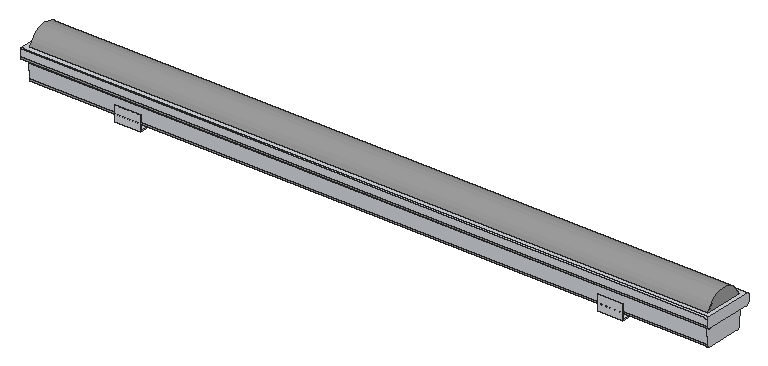
Revit family "0010232", category Lighting Fixtures, host Face, Revit 2017
Family settings
  Host = Face
  Round Connector Dimension = Use Diameter
  Part Type = Normal
  OmniClass Number = 23.80.70.00
  OmniClass Title = Lighting
  Cut with Voids When Loaded = No
  Light Source = Yes
  Shared = No
  Room Calculation Point = No
Parameters (values of type "0010232 RESISTO 1200 HE IP66 2800LM 840")
  Weight = "1.5 kg"
  Wattage Comments = ""
  Wattage = 18 W
  WarrantyStartDate [instance] = "n/a"
  WarrantyGuarantorParts = "n/a"
  WarrantyDurationUnit = "n/a"
  WarrantyDurationParts = "n/a"
  WarrantyDescription = "n/a"
  WIDTH_SYL = 44.5 mm
  built-in parameter 1150110 = 1 (stored number, unit not read)
  Voltage = 0 V
  URL = "http://www.sylvania-lighting.com"
  TypeName = "Resisto  1200 HE IP66 2800lm 840"
  Type Image = <None>
  Type Comments = "n/a"
  built-in parameter 1114217 = 1 (stored number, unit not read)
  Tilt Angle = -90.00°
  built-in parameter 1150109 = 1 (stored number, unit not read)
  built-in parameter 1150134 = 12
  TOP_WIDTH_SYL = 33.5 mm
  built-in parameter 1150113 = 1 (stored number, unit not read)
  SerialNumber [instance] = "n/a"
  Photometric Web File = "0010232.ies"
  Material_3_SYL = none
  PowerFactor = 0.95
  PowerConsumption = "18 W"
  NominalLength = 1200 mm
  NominalHeight = 80 mm
  NominalDepth = 87 mm
  Name = "Resisto  1200 HE IP66 2800lm 840"
  ModelReference = Name  # "Resisto  1200 HE IP66 2800lm 840"
  ModelNumber = "0010232"
  Model = Name  # "Resisto  1200 HE IP66 2800lm 840"
  Material = "pc polycarbonate housing, pc polycarbonate diffuser"
  ManufacturerName = "Feilo Sylvania"
  Manufacturer = "Feilo Sylvania"
  MID_WIDTH_SYL = 36 mm
  LuminousEfficacy = "156 lm/W"
  built-in parameter 1150105 = 922.88 (stored number, unit not read)
  Lumens = 2808 lm
  LuminaireType = ""
  built-in parameter 1150115 = 1 (stored number, unit not read)
  LightOutputRatio = "n/a"
  built-in parameter 1150137 = (empty or 0)
  built-in parameter 1150139 = (empty or 0)
  LampsType = Lamp  # "LED"
  LampNominalLuminous = "2800 lm"
  LampMacAdamStep = "3"
  LampColourTemperature = "4000 K"
  LampColourRenderingIndex = "80"
  built-in parameter 1150112 = 1 (stored number, unit not read)
  built-in parameter 1150114 = 1 (stored number, unit not read)
  Lamp = "LED"
  LENGHT_SYL = if(L1500_SYL, 742 mm, if(L1200_SYL, 592 mm, 317 mm))  # 592 mm
  LENGHT_CHAMFER_SYL = if(L1500_SYL, 750 mm, if(L1200_SYL, 600 mm, 325 mm))  # 600 mm
  LENGHT_650_SYL = 325 mm
  LENGHT-_SYL = if(L1500_SYL, -742 mm, if(L1200_SYL, -592 mm, -317 mm))  # -592 mm
  LENGHT-_CHAMFER_SYL = if(L1500_SYL, -750 mm, if(L1200_SYL, -600 mm, -325 mm))  # -600 mm
  LEGHT_650-_SYL = -325 mm
  LEGHT_1500_SYL = 750 mm
  LEGHT_1500-_SYL = -750 mm
  LEGHT_1200_SYL = 600 mm
  LEGHT_1200-_SYL = -600 mm
  L0650_SYL = no
  L1500_SYL = no
  L1200_SYL = yes
  Keynote = "16500"
  InstallationDate [instance] = "n/a"
  InputVoltage = "n/a"
  InputNominalFrequency = "n/a"
  built-in parameter 1150132 = (empty or 0)
  built-in parameter 1150102 = (empty or 0)
  built-in parameter 1150107 = 4000 (stored number, unit not read)
  built-in parameter 1150138 = (empty or 0)
  IngressProtection = "IP66"
  ImpactProtectionIndex = "IK08"
  built-in parameter 1150106 = 9.2288 (stored number, unit not read)
  IfcExportType = "IfcLightFixtureType"
  IfcExportAs = "IfcLightFixtureType"
  Emit from Circle Diameter = 609.6 mm
  Emit Shape Visible in Rendering = no
  ElectricShockClassification = "Class I"
  built-in parameter 1150104 = 14.493 (stored number, unit not read)
  DocumentationLiterature = "http://www.sylvania-lighting.com/product/en-int/products/0010232"
  DimmingControlOptions = "n/a"
  Material_2_SYL = none
  Dimming Lamp Color Temperature Shift = <None>
  Description = "Resisto, integrated LED weatherproof luminaire, with UV stabilized flat diffuser designed to achieve uniform lit appearance, optimise light output and to reduce glare. 301 stainless steel diffuser clips and fixing brackets for surface mounting. Polycarbonate housing and diffuser - no yellow discolouration over time. 2800lm; 18W; 156lm/W; 4000K; SDCM<3; non dimmable; CRI80; IP66; IK08; Class I; 69,000hrs (L80B20) lifespan; 1200mm x 89mm x 88mm; D-mark."
  Default Elevation = 1219.2 mm
  DIF_WIDHT_SYL = 35 mm
  DIF_HEIGHT_SYL = 24 mm
  CreatedOn = "3/10/2021"
  CreatedBy = "@sylvania-lighting.com"
  Cost = 0
  Color Filter = 16777215
  built-in parameter 1114216 [instance] = (empty or 0)
  ClassificationValue = "EF_70_80"
  ClassificationName = "Uniclass2015"
  Material_1_SYL = Default
  CHAMFER_SYL = 19 mm
  BarCode [instance] = "n/a"
  built-in parameter 1114218 = 1 (stored number, unit not read)
  BRACKET_WIDTH_SYL = BRACKET_DIST_SYL - 44 mm  # 400 mm
  BRACKET_HEIGHT_SYL = 9 mm
  BRACKET_DIST_SYL = LENGHT_CHAMFER_SYL - 156 mm  # 444 mm
  BODY_SYL = 36 mm
  built-in parameter 1150133 = 10 (stored number, unit not read)
  AssetType = "Fixed"
  AssetIdentifier [instance] = "n/a"
  Assembly Code = "D5020200"
  Apparent Load = 18 VA
  Material_4_SYL = none
Reference planes
  plane 1 "Center (Front/Back)": y = 0
  plane 2: z = 0
  plane 3 "Center (Left/Right)": x = 0
  plane 4: z = 9
  plane 5: z = 45
  plane 6: z = 64
  plane 7: z = 88
  plane 8: y = -44.5
  plane 9: y = 44.5
  plane 10: y = -35
  plane 11: y = 35
  plane 12: y = 33.5
  plane 13: y = -33.5
  plane 14: y = -36
  plane 15: y = 36
  plane 16: z = 1
Forms (mm)
  Extrusion 1, solid
    sketch origin (319, 1524, 1219.2) x (0, 1, 0) y (0, 0, 1)
      loop
        line (-1552.835, -1210.2) -> (-1495.165, -1210.2)
        arc (-1495.165, -1210.2) -> (-1491.754, -1208.856) -> (-1490.177, -1205.546) r 5
        line (-1490.177, -1205.546) -> (-1488.323, -1178.854) -> (-1488, -1174.2) -> (-1560, -1174.2) -> (-1559.677, -1178.854) -> (-1557.823, -1205.546)
        arc (-1557.823, -1205.546) -> (-1556.246, -1208.856) -> (-1552.835, -1210.2) r 5
    from -592 <- "LENGHT-_SYL" to 592 <- "LENGHT_SYL"
  Extrusion 2, solid, material "Default" <- "Material_1_SYL"
    sketch origin (319, 1524, 1219.2) x (0, 1, 0) y (0, 0, 1)
      loop
        arc (-1490.5, -1155.2) -> (-1524, -1131.2) -> (-1557.5, -1155.2) r 35.38
        line (-1557.5, -1155.2) -> (-1490.5, -1155.2)
    from -592 <- "LENGHT-_SYL" to 592 <- "LENGHT_SYL"
  Extrusion 3, solid
    sketch origin (319, 1524, 1219.2) x (0, 1, 0) y (0, 0, 1)
      loop
        line (-1481.5, -1155.2) -> (-1566.5, -1155.2)
        arc (-1566.5, -1155.2) -> (-1567.914, -1155.786) -> (-1568.5, -1157.2) r 2
        line (-1568.5, -1157.2) -> (-1568.5, -1169.2)
        arc (-1568.5, -1169.2) -> (-1567.036, -1172.736) -> (-1563.5, -1174.2) r 5
        line (-1563.5, -1174.2) -> (-1484.5, -1174.2)
        arc (-1484.5, -1174.2) -> (-1480.964, -1172.736) -> (-1479.5, -1169.2) r 5
        line (-1479.5, -1169.2) -> (-1479.5, -1157.2)
        arc (-1479.5, -1157.2) -> (-1480.086, -1155.786) -> (-1481.5, -1155.2) r 2
    from -600 <- "LENGHT-_CHAMFER_SYL" to 600 <- "LENGHT_CHAMFER_SYL"
  Extrusion 4, solid
    sketch origin (319, 1524, 1219.2) x (0, 1, 0) y (0, 0, 1)
      loop
        line (-1489, -1219.2) -> (-1489, -1192.216) -> (-1490.5, -1192.216) -> (-1490.5, -1218.2) -> (-1557.5, -1218.2) -> (-1557.5, -1192.172) -> (-1559, -1192.172) -> (-1559, -1219.2) -> (-1489, -1219.2)
    from 400 <- "BRACKET_WIDTH_SYL" to 444 <- "BRACKET_DIST_SYL"
  Extrusion 5, solid
    sketch origin (321, 1524, 1219.2) x (0, 1, 0) y (0, 0, -1)
      loop
        line (-1489, 1219.2) -> (-1559, 1219.2) -> (-1559, 1192.172) -> (-1557.5, 1192.172) -> (-1557.5, 1218.2) -> (-1490.5, 1218.2) -> (-1490.5, 1192.216) -> (-1489, 1192.216) -> (-1489, 1219.2)
    from 400 <- "BRACKET_WIDTH_SYL" to 444 <- "BRACKET_DIST_SYL"
Dimensions and locks
  "BRACKET_HEIGHT_SYL": plane 4 to host face
  "BODY_SYL": plane 4 to plane 5
  "CHAMFER_SYL": plane 5 to plane 6
  "DIF_HEIGHT_SYL": plane 6 to plane 7
  "WIDTH_SYL": plane 9 to plane 1 "Center (Front/Back)" to plane 8
  "DIF_WIDHT_SYL": plane 11 to plane 1 "Center (Front/Back)" to plane 10
  "TOP_WIDTH_SYL": plane 12 to plane 1 "Center (Front/Back)" to plane 13
  "MID_WIDTH_SYL": plane 15 to plane 1 "Center (Front/Back)" to plane 14
  aligned and locked: plane 2 to host face
  aligned and locked: level to host face
  aligned and locked: Extrusion 3 sketch curve to plane 6
  aligned and locked: Extrusion 3 sketch curve to plane 9
  aligned and locked: plane 5 to Extrusion 3 sketch curve
  aligned and locked: plane 8 to Extrusion 3 sketch curve
Automatic sketch dimensions
  host sketch curve to host sketch curve = 2438.4 mm  (x2)
  plane 5 to Extrusion 1 sketch curve = 0 mm
  Extrusion 1 sketch curve to plane 14 = 0 mm
  plane 4 to Extrusion 1 sketch curve = 0 mm
  Extrusion 1 sketch curve to plane 15 = 0 mm
  Extrusion 1 sketch curve to plane 14 = 0.323 mm
  plane 13 to Extrusion 1 sketch curve = 0.323 mm
  Extrusion 1 sketch curve to plane 13 = 4.665 mm
  plane 12 to Extrusion 1 sketch curve = 4.665 mm
  Extrusion 1 sketch curve to plane 12 = 0.323 mm
  plane 15 to Extrusion 1 sketch curve = 0.323 mm
  Extrusion 1 sketch curve to plane 4 = 4.654 mm  (x2)
  plane 5 to Extrusion 1 sketch curve = 4.654 mm  (x2)
  plane 6 to Extrusion 2 sketch curve = 0 mm
  Extrusion 2 sketch curve to plane 13 = 0 mm
  Extrusion 2 sketch curve to plane 1 "Center (Front/Back)" = 0 mm
  Extrusion 2 sketch curve to plane 5 = 7.62 mm
  Extrusion 3 sketch curve to plane 8 = 2 mm
  plane 14 to Extrusion 3 sketch curve = 3.5 mm
  Extrusion 3 sketch curve to plane 15 = 3.5 mm
  plane 6 to Extrusion 3 sketch curve = 2 mm
  Extrusion 4 sketch curve to level = 0 mm
  Extrusion 4 sketch curve to plane 10 = 0 mm
  Extrusion 4 sketch curve to plane 13 = 0 mm
  Extrusion 4 sketch curve to plane 12 = 0 mm
  Extrusion 4 sketch curve to plane 11 = 0 mm
  plane 16 to Extrusion 4 sketch curve = 0 mm
  Extrusion 4 sketch curve to plane 4 = 17.984 mm
  plane 5 to Extrusion 4 sketch curve = 17.972 mm
  Extrusion 5 sketch curve to level = 0 mm
  Extrusion 5 sketch curve to plane 10 = 0 mm
  Extrusion 5 sketch curve to plane 13 = 0 mm
  Extrusion 5 sketch curve to plane 12 = 0 mm
  Extrusion 5 sketch curve to plane 11 = 0 mm
  plane 16 to Extrusion 5 sketch curve = 0 mm
  Extrusion 5 sketch curve to plane 4 = 17.984 mm
  plane 5 to Extrusion 5 sketch curve = 17.972 mm
Connectors
  electrical at (-273, 0, 27)
    settings: on Extrusion 1, index 1, voltage 0 V, apparent load 0 VA, apparent load phase1 0 VA, apparent load phase2 0 VA, apparent load phase3 0 VA, power factor 1, load classification "Other", number of poles 1, system type 31, power factor state 1, is connector primary yes, connector utility no, sub classification motor no, connector description ""
Types (60, lengths in mm): name | Weight | Wattage | TypeName | built-in parameter 1150134 | Photometric Web File | PowerFactor | PowerConsumption | NominalLength | Name | ModelReference | ModelNumber | Model | LuminousEfficacy | built-in parameter 1150105 | Lumens | LampNominalLuminous | LampMacAdamStep | LampColourTemperature | LENGHT_SYL | LENGHT_CHAMFER_SYL | LENGHT-_SYL | LENGHT-_CHAMFER_SYL | L0650_SYL | L1500_SYL | L1200_SYL | built-in parameter 1150107 | built-in parameter 1150106 | built-in parameter 1150104 | DocumentationLiterature | Description | BRACKET_WIDTH_SYL | BRACKET_DIST_SYL | Apparent Load
  0010278 RESISTO 1500 HE IP66 8300LM 840 | "1.95 kg" | 54 W | "Resisto 1500 HE IP66 8300lm 840" | 12 | "0010278.ies" | 0.95 | "54 W" | 1500 | "Resisto 1500 HE IP66 8300lm 840" | "Resisto 1500 HE IP66 8300lm 840" | "0010278" | "Resisto 1500 HE IP66 8300lm 840" | "154 lm/W" | 2674.3 (stored number, unit not read) | 8316 lm | "8300 lm" | "3" | "4000 K" | 742 | 750 | -742 | -750 | no | yes | no | 4000 (stored number, unit not read) | 26.743 (stored number, unit not read) | 14.307 (stored number, unit not read) | "http://www.sylvania-lighting.com/product/en-int/products/0010278" | "Resisto, integrated LED weatherproof luminaire, with UV stabilized flat diffuser designed to achieve uniform lit appearance, optimise light output and to reduce glare. 301 stainless steel diffuser clips and fixing brackets for surface mounting. Polycarbonate housing and diffuser - no yellow discolouration over time. 8300lm; 54W; 154lm/W; 4000K; SDCM<3; non dimmable; CRI80; IP66; IK08; Class I; 69,000hrs (L80B20) lifespan; 1500mm x 89mm x 88mm; D-mark." | 550 | 594 | 54 VA
  0010274 RESISTO 1500 HE IP66 DALI 7100LM 840 | "2.01 kg" | 46 W | "Resisto 1500 HE IP66 DALI 7100lm 840" | 12 | "0010274.ies" | 0.98 | "46 W" | 1500 | "Resisto 1500 HE IP66 DALI 7100lm 840" | "Resisto 1500 HE IP66 DALI 7100lm 840" | "0010274" | "Resisto 1500 HE IP66 DALI 7100lm 840" | "154 lm/W" | 2362.2 (stored number, unit not read) | 7084 lm | "7100 lm" | "3" | "4000 K" | 742 | 750 | -742 | -750 | no | yes | no | 4000 (stored number, unit not read) | 23.622 (stored number, unit not read) | 14.307 (stored number, unit not read) | "http://www.sylvania-lighting.com/product/en-int/products/0010274" | "Resisto, integrated LED weatherproof luminaire, with UV stabilized flat diffuser designed to achieve uniform lit appearance, optimise light output and to reduce glare. 301 stainless steel diffuser clips and fixing brackets for surface mounting. Polycarbonate housing and diffuser - no yellow discolouration over time. 7100lm; 46W; 154lm/W; 4000K; SDCM<3; DALI dimmable; CRI80; IP66; IK08; Class I; 69,000hrs (L80B20) lifespan; 1500mm x 89mm x 88mm; D-mark." | 550 | 594 | 46 VA
  0010273 RESISTO 1500 HE IP66 DALI 4000LM 840 | "1.95 kg" | 25 W | "Resisto 1500 HE IP66 DALI 4000lm 840" | 12 | "0010273.ies" | 0.98 | "25 W" | 1500 | "Resisto 1500 HE IP66 DALI 4000lm 840" | "Resisto 1500 HE IP66 DALI 4000lm 840" | "0010273" | "Resisto 1500 HE IP66 DALI 4000lm 840" | "160 lm/W" | 1286.3 (stored number, unit not read) | 4000 lm | "4000 lm" | "3" | "4000 K" | 742 | 750 | -742 | -750 | no | yes | no | 4000 (stored number, unit not read) | 12.863 (stored number, unit not read) | 14.864 (stored number, unit not read) | "http://www.sylvania-lighting.com/product/en-int/products/0010273" | "Resisto, integrated LED weatherproof luminaire, with UV stabilized flat diffuser designed to achieve uniform lit appearance, optimise light output and to reduce glare. 301 stainless steel diffuser clips and fixing brackets for surface mounting. Polycarbonate housing and diffuser - no yellow discolouration over time. 4000lm; 25W; 160lm/W; 4000K; SDCM<3; DALI dimmable; CRI80; IP66; IK08; Class I; 69,000hrs (L80B20) lifespan; 1500mm x 89mm x 88mm; D-mark." | 550 | 594 | 25 VA
  0010272 RESISTO 1500 HE IP66 7100LM 840 EM | "2.58 kg" | 50 W | "Resisto 1500 HE IP66 7100lm 840 EM" | 12 | "0010272.ies" | 0.95 | "50 W" | 1500 | "Resisto 1500 HE IP66 7100lm 840 EM" | "Resisto 1500 HE IP66 7100lm 840 EM" | "0010272" | "Resisto 1500 HE IP66 7100lm 840 EM" | "142 lm/W" | 2367.5 (stored number, unit not read) | 7100 lm | "7100 lm" | "3" | "4000 K" | 742 | 750 | -742 | -750 | no | yes | no | 4000 (stored number, unit not read) | 23.675 (stored number, unit not read) | 13.192 (stored number, unit not read) | "http://www.sylvania-lighting.com/product/en-int/products/0010272" | "Resisto, integrated LED weatherproof luminaire, with UV stabilized flat diffuser designed to achieve uniform lit appearance, optimise light output and to reduce glare. 301 stainless steel diffuser clips and fixing brackets for surface mounting. Polycarbonate housing and diffuser - no yellow discolouration over time. 7100lm; 50W; 142lm/W; 4000K; SDCM<3; non dimmable; CRI80; IP66; IK08; Class I; 69,000hrs (L80B20) lifespan; 1500mm x 89mm x 88mm; D-mark; 3-hour maintained emergency batteries." | 550 | 594 | 50 VA
  0010271 RESISTO 1500 HE IP66 4000LM 840 EM | "2.51 kg" | 29 W | "Resisto 1500 HE IP66 4000lm 840 EM" | 12 | "0010271.ies" | 0.95 | "29 W" | 1500 | "Resisto 1500 HE IP66 4000lm 840 EM" | "Resisto 1500 HE IP66 4000lm 840 EM" | "0010271" | "Resisto 1500 HE IP66 4000lm 840 EM" | "138 lm/W" | 1287 (stored number, unit not read) | 4002 lm | "4000 lm" | "3" | "4000 K" | 742 | 750 | -742 | -750 | no | yes | no | 4000 (stored number, unit not read) | 12.87 (stored number, unit not read) | 12.821 (stored number, unit not read) | "http://www.sylvania-lighting.com/product/en-int/products/0010271" | "Resisto, integrated LED weatherproof luminaire, with UV stabilized flat diffuser designed to achieve uniform lit appearance, optimise light output and to reduce glare. 301 stainless steel diffuser clips and fixing brackets for surface mounting. Polycarbonate housing and diffuser - no yellow discolouration over time. 4000lm; 29W; 138lm/W; 4000K; SDCM<3; non dimmable; CRI80; IP66; IK08; Class I; 69,000hrs (L80B20) lifespan; 1500mm x 89mm x 88mm; D-mark; 3-hour maintained emergency batteries." | 550 | 594 | 29 VA
  0010269 RESISTO 1500 HE IP66 7100LM 840 | "1.95 kg" | 46 W | "Resisto  1500 HE IP66 7100lm 840" | 12 | "0010269.ies" | 0.95 | "46 W" | 1500 | "Resisto  1500 HE IP66 7100lm 840" | "Resisto  1500 HE IP66 7100lm 840" | "0010269" | "Resisto  1500 HE IP66 7100lm 840" | "154 lm/W" | 2362.2 (stored number, unit not read) | 7084 lm | "7100 lm" | "3" | "4000 K" | 742 | 750 | -742 | -750 | no | yes | no | 4000 (stored number, unit not read) | 23.622 (stored number, unit not read) | 14.307 (stored number, unit not read) | "http://www.sylvania-lighting.com/product/en-int/products/0010269" | "Resisto, integrated LED weatherproof luminaire, with UV stabilized flat diffuser designed to achieve uniform lit appearance, optimise light output and to reduce glare. 301 stainless steel diffuser clips and fixing brackets for surface mounting. Polycarbonate housing and diffuser - no yellow discolouration over time. 7100lm; 46W; 154lm/W; 4000K; SDCM<3; non dimmable; CRI80; IP66; IK08; Class I; 69,000hrs (L80B20) lifespan; 1500mm x 89mm x 88mm; D-mark." | 550 | 594 | 46 VA
  0010268 RESISTO 1500 HE IP66 4000LM 840 | "1.87 kg" | 25 W | "Resisto  1500 HE IP66 4000lm 840" | 12 | "0010268.ies" | 0.95 | "25 W" | 1500 | "Resisto  1500 HE IP66 4000lm 840" | "Resisto  1500 HE IP66 4000lm 840" | "0010268" | "Resisto  1500 HE IP66 4000lm 840" | "160 lm/W" | 1286.3 (stored number, unit not read) | 4000 lm | "4000 lm" | "3" | "4000 K" | 742 | 750 | -742 | -750 | no | yes | no | 4000 (stored number, unit not read) | 12.863 (stored number, unit not read) | 14.864 (stored number, unit not read) | "http://www.sylvania-lighting.com/product/en-int/products/0010268" | "Resisto, integrated LED weatherproof luminaire, with UV stabilized flat diffuser designed to achieve uniform lit appearance, optimise light output and to reduce glare. 301 stainless steel diffuser clips and fixing brackets for surface mounting. Polycarbonate housing and diffuser - no yellow discolouration over time. 4000lm; 25W; 160lm/W; 4000K; SDCM<3; non dimmable; CRI80; IP66; IK08; Class I; 69,000hrs (L80B20) lifespan; 1500mm x 89mm x 88mm; D-mark." | 550 | 594 | 25 VA
  0010261 RESISTO 1500 IP66 DALI 8300LM 840 | "2.01 kg" | 61 W | "Resisto  1500 IP66 DALI 8300lm 840" | 12 | "0010261.ies" | 0.99 | "61 W" | 1500 | "Resisto  1500 IP66 DALI 8300lm 840" | "Resisto  1500 IP66 DALI 8300lm 840" | "0010261" | "Resisto  1500 IP66 DALI 8300lm 840" | "136 lm/W" | 2792.8 (stored number, unit not read) | 8296 lm | "8300 lm" | "5" | "4000 K" | 742 | 750 | -742 | -750 | no | yes | no | 4000 (stored number, unit not read) | 27.928 (stored number, unit not read) | 12.635 (stored number, unit not read) | "http://www.sylvania-lighting.com/product/en-int/products/0010261" | "Resisto, integrated LED weatherproof luminaire, with UV stabilized flat diffuser designed to achieve uniform lit appearance, optimise light output and to reduce glare. 301 stainless steel diffuser clips and fixing brackets for surface mounting. Polycarbonate housing and diffuser - no yellow discolouration over time. 8300lm; 61W; 136lm/W; 4000K; SDCM<5; DALI dimmable; CRI80; IP66; IK08; Class I; 69,000hrs (L80B20) lifespan; 1500mm x 89mm x 88mm; D-mark." | 550 | 594 | 61 VA
  0010260 RESISTO 1500 IP66 DALI 7100LM 840 | "2.01 kg" | 52 W | "Resisto  1500 IP66 DALI 7100lm 840" | 12 | "0010260.ies" | 0.99 | "52 W" | 1500 | "Resisto  1500 IP66 DALI 7100lm 840" | "Resisto  1500 IP66 DALI 7100lm 840" | "0010260" | "Resisto  1500 IP66 DALI 7100lm 840" | "137 lm/W" | 2375.5 (stored number, unit not read) | 7124 lm | "7100 lm" | "5" | "4000 K" | 742 | 750 | -742 | -750 | no | yes | no | 4000 (stored number, unit not read) | 23.755 (stored number, unit not read) | 12.728 (stored number, unit not read) | "http://www.sylvania-lighting.com/product/en-int/products/0010260" | "Resisto, integrated LED weatherproof luminaire, with UV stabilized flat diffuser designed to achieve uniform lit appearance, optimise light output and to reduce glare. 301 stainless steel diffuser clips and fixing brackets for surface mounting. Polycarbonate housing and diffuser - no yellow discolouration over time. 7100lm; 52W; 137lm/W; 4000K; SDCM<5; DALI dimmable; CRI80; IP66; IK08; Class I; 69,000hrs (L80B20) lifespan; 1500mm x 89mm x 88mm; D-mark." | 550 | 594 | 52 VA
  0010259 RESISTO 1500 IP66 DALI 4000LM 840 | "1.95 kg" | 30 W | "Resisto  1500 IP66 DALI 4000lm 840" | 12 | "0010259.ies" | 0.98 | "30 W" | 1500 | "Resisto  1500 IP66 DALI 4000lm 840" | "Resisto  1500 IP66 DALI 4000lm 840" | "0010259" | "Resisto  1500 IP66 DALI 4000lm 840" | "133 lm/W" | 1283.1 (stored number, unit not read) | 3990 lm | "4000 lm" | "5" | "4000 K" | 742 | 750 | -742 | -750 | no | yes | no | 4000 (stored number, unit not read) | 12.831 (stored number, unit not read) | 12.356 (stored number, unit not read) | "http://www.sylvania-lighting.com/product/en-int/products/0010259" | "Resisto, integrated LED weatherproof luminaire, with UV stabilized flat diffuser designed to achieve uniform lit appearance, optimise light output and to reduce glare. 301 stainless steel diffuser clips and fixing brackets for surface mounting. Polycarbonate housing and diffuser - no yellow discolouration over time. 4000lm; 30W; 133lm/W; 4000K; SDCM<5; DALI dimmable; CRI80; IP66; IK08; Class I; 69,000hrs (L80B20) lifespan; 1500mm x 89mm x 88mm; D-mark." | 550 | 594 | 30 VA
  0010258 RESISTO 1500 IP66 MWCOR 7100LM 840 | "2.06 kg" | 52 W | "Resisto  1500 IP66 MWcor 7100lm 840" | 12 | "0010258.ies" | 0.99 | "52 W" | 1500 | "Resisto  1500 IP66 MWcor 7100lm 840" | "Resisto  1500 IP66 MWcor 7100lm 840" | "0010258" | "Resisto  1500 IP66 MWcor 7100lm 840" | "137 lm/W" | 2375.5 (stored number, unit not read) | 7124 lm | "7100 lm" | "5" | "4000 K" | 742 | 750 | -742 | -750 | no | yes | no | 4000 (stored number, unit not read) | 23.755 (stored number, unit not read) | 12.728 (stored number, unit not read) | "http://www.sylvania-lighting.com/product/en-int/products/0010258" | "Resisto, integrated LED weatherproof luminaire, with UV stabilized flat diffuser designed to achieve uniform lit appearance, optimise light output and to reduce glare. 301 stainless steel diffuser clips and fixing brackets for surface mounting. Polycarbonate housing and diffuser - no yellow discolouration over time. 7100lm; 52W; 137lm/W; 4000K; SDCM<5; non dimmable; CRI80; IP66; IK08; Class I; 69,000hrs (L80B20) lifespan; 1500mm x 89mm x 88mm; D-mark; corridor function with microwave presence sensor." | 550 | 594 | 52 VA
  0010257 RESISTO 1500 IP66 MWCOR 4000LM 840 | "2.0 kg" | 30 W | "Resisto  1500 IP66 MWcor 4000lm 840" | 12 | "0010257.ies" | 0.98 | "30 W" | 1500 | "Resisto  1500 IP66 MWcor 4000lm 840" | "Resisto  1500 IP66 MWcor 4000lm 840" | "0010257" | "Resisto  1500 IP66 MWcor 4000lm 840" | "133 lm/W" | 1283.1 (stored number, unit not read) | 3990 lm | "4000 lm" | "5" | "4000 K" | 742 | 750 | -742 | -750 | no | yes | no | 4000 (stored number, unit not read) | 12.831 (stored number, unit not read) | 12.356 (stored number, unit not read) | "http://www.sylvania-lighting.com/product/en-int/products/0010257" | "Resisto, integrated LED weatherproof luminaire, with UV stabilized flat diffuser designed to achieve uniform lit appearance, optimise light output and to reduce glare. 301 stainless steel diffuser clips and fixing brackets for surface mounting. Polycarbonate housing and diffuser - no yellow discolouration over time. 4000lm; 30W; 133lm/W; 4000K; SDCM<5; non dimmable; CRI80; IP66; IK08; Class I; 69,000hrs (L80B20) lifespan; 1500mm x 89mm x 88mm; D-mark; corridor function with microwave presence sensor." | 550 | 594 | 30 VA
  0010256 RESISTO 1500 IP66 MW 7100LM 840 | "2.0 kg" | 52 W | "Resisto  1500 IP66 MW 7100lm 840" | 12 | "0010256.ies" | 0.95 | "52 W" | 1500 | "Resisto  1500 IP66 MW 7100lm 840" | "Resisto  1500 IP66 MW 7100lm 840" | "0010256" | "Resisto  1500 IP66 MW 7100lm 840" | "137 lm/W" | 2375.5 (stored number, unit not read) | 7124 lm | "7100 lm" | "5" | "4000 K" | 742 | 750 | -742 | -750 | no | yes | no | 4000 (stored number, unit not read) | 23.755 (stored number, unit not read) | 12.728 (stored number, unit not read) | "http://www.sylvania-lighting.com/product/en-int/products/0010256" | "Resisto, integrated LED weatherproof luminaire, with UV stabilized flat diffuser designed to achieve uniform lit appearance, optimise light output and to reduce glare. 301 stainless steel diffuser clips and fixing brackets for surface mounting. Polycarbonate housing and diffuser - no yellow discolouration over time. 7100lm; 52W; 137lm/W; 4000K; SDCM<5; non dimmable; CRI80; IP66; IK08; Class I; 69,000hrs (L80B20) lifespan; 1500mm x 89mm x 88mm; D-mark; MW On/Off." | 550 | 594 | 52 VA
  0010255 RESISTO 1500 IP66 MW 4000LM 840 | "1.92 kg" | 30 W | "Resisto  1500 IP66 MW 4000lm 840" | 12 | "0010255.ies" | 0.95 | "30 W" | 1500 | "Resisto  1500 IP66 MW 4000lm 840" | "Resisto  1500 IP66 MW 4000lm 840" | "0010255" | "Resisto  1500 IP66 MW 4000lm 840" | "133 lm/W" | 1283.1 (stored number, unit not read) | 3990 lm | "4000 lm" | "5" | "4000 K" | 742 | 750 | -742 | -750 | no | yes | no | 4000 (stored number, unit not read) | 12.831 (stored number, unit not read) | 12.356 (stored number, unit not read) | "http://www.sylvania-lighting.com/product/en-int/products/0010255" | "Resisto, integrated LED weatherproof luminaire, with UV stabilized flat diffuser designed to achieve uniform lit appearance, optimise light output and to reduce glare. 301 stainless steel diffuser clips and fixing brackets for surface mounting. Polycarbonate housing and diffuser - no yellow discolouration over time. 4000lm; 30W; 133lm/W; 4000K; SDCM<5; non dimmable; CRI80; IP66; IK08; Class I; 69,000hrs (L80B20) lifespan; 1500mm x 89mm x 88mm; D-mark; MW On/Off." | 550 | 594 | 30 VA
  0010254 RESISTO 1500 IP66 7100LM 840 EM | "2.59 kg" | 56 W | "Resisto  1500 IP66 7100lm 840 EM" | 12 | "0010254.ies" | 0.95 | "56 W" | 1500 | "Resisto  1500 IP66 7100lm 840 EM" | "Resisto  1500 IP66 7100lm 840 EM" | "0010254" | "Resisto  1500 IP66 7100lm 840 EM" | "127 lm/W" | 2371.5 (stored number, unit not read) | 7112 lm | "7100 lm" | "5" | "4000 K" | 742 | 750 | -742 | -750 | no | yes | no | 4000 (stored number, unit not read) | 23.715 (stored number, unit not read) | 11.799 (stored number, unit not read) | "http://www.sylvania-lighting.com/product/en-int/products/0010254" | "Resisto, integrated LED weatherproof luminaire, with UV stabilized flat diffuser designed to achieve uniform lit appearance, optimise light output and to reduce glare. 301 stainless steel diffuser clips and fixing brackets for surface mounting. Polycarbonate housing and diffuser - no yellow discolouration over time. 7100lm; 56W; 127lm/W; 4000K; SDCM<5; non dimmable; CRI80; IP66; IK08; Class I; 69,000hrs (L80B20) lifespan; 1500mm x 89mm x 88mm; D-mark; 3-hour maintained emergency batteries." | 550 | 594 | 56 VA
  0010253 RESISTO 1500 IP66 4000LM 840 EM | "2.5 kg" | 34 W | "Resisto  1500 IP66 4000lm 840 EM" | 12 | "0010253.ies" | 0.95 | "34 W" | 1500 | "Resisto  1500 IP66 4000lm 840 EM" | "Resisto  1500 IP66 4000lm 840 EM" | "0010253" | "Resisto  1500 IP66 4000lm 840 EM" | "118 lm/W" | 1290.2 (stored number, unit not read) | 4012 lm | "4000 lm" | "5" | "4000 K" | 742 | 750 | -742 | -750 | no | yes | no | 4000 (stored number, unit not read) | 12.902 (stored number, unit not read) | 10.963 (stored number, unit not read) | "http://www.sylvania-lighting.com/product/en-int/products/0010253" | "Resisto, integrated LED weatherproof luminaire, with UV stabilized flat diffuser designed to achieve uniform lit appearance, optimise light output and to reduce glare. 301 stainless steel diffuser clips and fixing brackets for surface mounting. Polycarbonate housing and diffuser - no yellow discolouration over time. 4000lm; 34W; 118lm/W; 4000K; SDCM<5; non dimmable; CRI80; IP66; IK08; Class I; 69,000hrs (L80B20) lifespan; 1500mm x 89mm x 88mm; D-mark; 3-hour maintained emergency batteries." | 550 | 594 | 34 VA
  0010252 RESISTO 1500 IP66 7100LM 840 5XTH | "2.18 kg" | 52 W | "Resisto 1500 IP66 7100lm 840 5xTH" | 12 | "0010252.ies" | 0.95 | "52 W" | 1500 | "Resisto 1500 IP66 7100lm 840 5xTH" | "Resisto 1500 IP66 7100lm 840 5xTH" | "0010252" | "Resisto 1500 IP66 7100lm 840 5xTH" | "137 lm/W" | 2375.5 (stored number, unit not read) | 7124 lm | "7100 lm" | "5" | "4000 K" | 742 | 750 | -742 | -750 | no | yes | no | 4000 (stored number, unit not read) | 23.755 (stored number, unit not read) | 12.728 (stored number, unit not read) | "http://www.sylvania-lighting.com/product/en-int/products/0010252" | "Resisto, integrated LED weatherproof luminaire, with UV stabilized flat diffuser designed to achieve uniform lit appearance, optimise light output and to reduce glare. 301 stainless steel diffuser clips and fixing brackets for surface mounting. Polycarbonate housing and diffuser - no yellow discolouration over time. 7100lm; 52W; 137lm/W; 4000K; SDCM<5; non dimmable; CRI80; IP66; IK08; Class I; 69,000hrs (L80B20) lifespan; 1500mm x 89mm x 88mm; D-mark; through wiring." | 550 | 594 | 52 VA
  0010251 RESISTO 1500 IP66 4000LM 840 5XTH | "2.1 kg" | 30 W | "Resisto 1500 IP66 4000lm 840 5xTH" | 12 | "0010251.ies" | 0.95 | "30 W" | 1500 | "Resisto 1500 IP66 4000lm 840 5xTH" | "Resisto 1500 IP66 4000lm 840 5xTH" | "0010251" | "Resisto 1500 IP66 4000lm 840 5xTH" | "133 lm/W" | 1283.1 (stored number, unit not read) | 3990 lm | "4000 lm" | "5" | "4000 K" | 742 | 750 | -742 | -750 | no | yes | no | 4000 (stored number, unit not read) | 12.831 (stored number, unit not read) | 12.356 (stored number, unit not read) | "http://www.sylvania-lighting.com/product/en-int/products/0010251" | "Resisto, integrated LED weatherproof luminaire, with UV stabilized flat diffuser designed to achieve uniform lit appearance, optimise light output and to reduce glare. 301 stainless steel diffuser clips and fixing brackets for surface mounting. Polycarbonate housing and diffuser - no yellow discolouration over time. 4000lm; 30W; 133lm/W; 4000K; SDCM<5; non dimmable; CRI80; IP66; IK08; Class I; 69,000hrs (L80B20) lifespan; 1500mm x 89mm x 88mm; D-mark; through wiring." | 550 | 594 | 30 VA
  0010250 RESISTO 1500 IP66 7100LM 840 QC | "2.02 kg" | 52 W | "Resisto  1500 IP66 7100lm 840 QC" | 12 | "0010250.ies" | 0.95 | "52 W" | 1512 | "Resisto  1500 IP66 7100lm 840 QC" | "Resisto  1500 IP66 7100lm 840 QC" | "0010250" | "Resisto  1500 IP66 7100lm 840 QC" | "137 lm/W" | 2375.5 (stored number, unit not read) | 7124 lm | "7100 lm" | "5" | "4000 K" | 742 | 750 | -742 | -750 | no | yes | no | 4000 (stored number, unit not read) | 23.755 (stored number, unit not read) | 12.728 (stored number, unit not read) | "http://www.sylvania-lighting.com/product/en-int/products/0010250" | "Resisto, integrated LED weatherproof luminaire, with UV stabilized flat diffuser designed to achieve uniform lit appearance, optimise light output and to reduce glare. 301 stainless steel diffuser clips and fixing brackets for surface mounting. Polycarbonate housing and diffuser - no yellow discolouration over time. 7100lm; 52W; 137lm/W; 4000K; SDCM<5; non dimmable; CRI80; IP66; IK08; Class I; 69,000hrs (L80B20) lifespan; 1500mm x 89mm x 88mm; D-mark; assembled with quick connector." | 550 | 594 | 52 VA
  0010249 RESISTO 1500 IP66 4000LM 840 QC | "1.94 kg" | 30 W | "Resisto  1500 IP66 4000lm 840 QC" | 12 | "0010249.ies" | 0.95 | "30 W" | 1512 | "Resisto  1500 IP66 4000lm 840 QC" | "Resisto  1500 IP66 4000lm 840 QC" | "0010249" | "Resisto  1500 IP66 4000lm 840 QC" | "133 lm/W" | 1283.1 (stored number, unit not read) | 3990 lm | "4000 lm" | "5" | "4000 K" | 742 | 750 | -742 | -750 | no | yes | no | 4000 (stored number, unit not read) | 12.831 (stored number, unit not read) | 12.356 (stored number, unit not read) | "http://www.sylvania-lighting.com/product/en-int/products/0010249" | "Resisto, integrated LED weatherproof luminaire, with UV stabilized flat diffuser designed to achieve uniform lit appearance, optimise light output and to reduce glare. 301 stainless steel diffuser clips and fixing brackets for surface mounting. Polycarbonate housing and diffuser - no yellow discolouration over time. 4000lm; 30W; 133lm/W; 4000K; SDCM<5; non dimmable; CRI80; IP66; IK08; Class I; 69,000hrs (L80B20) lifespan; 1500mm x 89mm x 88mm; D-mark; assembled with quick connector." | 550 | 594 | 30 VA
  0010248 RESISTO 1500 IP66 8300LM 865 | "1.95 kg" | 61 W | "Resisto  1500 IP66 8300lm 865" | 1 | "0010248.ies" | 0.95 | "61 W" | 1500 | "Resisto  1500 IP66 8300lm 865" | "Resisto  1500 IP66 8300lm 865" | "0010248" | "Resisto  1500 IP66 8300lm 865" | "136 lm/W" | 2792.8 (stored number, unit not read) | 8296 lm | "8300 lm" | "5" | "6500 K" | 742 | 750 | -742 | -750 | no | yes | no | 6500 (stored number, unit not read) | 27.928 (stored number, unit not read) | 12.635 (stored number, unit not read) | "http://www.sylvania-lighting.com/product/en-int/products/0010248" | "Resisto, integrated LED weatherproof luminaire, with UV stabilized flat diffuser designed to achieve uniform lit appearance, optimise light output and to reduce glare. 301 stainless steel diffuser clips and fixing brackets for surface mounting. Polycarbonate housing and diffuser - no yellow discolouration over time. 8300lm; 61W; 136lm/W; 6500K; SDCM<5; non dimmable; CRI80; IP66; IK08; Class I; 69,000hrs (L80B20) lifespan; 1500mm x 89mm x 88mm; D-mark." | 550 | 594 | 61 VA
  0010247 RESISTO 1500 IP66 7100LM 865 | "1.95 kg" | 52 W | "Resisto  1500 IP66 7100lm 865" | 1 | "0010247.ies" | 0.95 | "52 W" | 1500 | "Resisto  1500 IP66 7100lm 865" | "Resisto  1500 IP66 7100lm 865" | "0010247" | "Resisto  1500 IP66 7100lm 865" | "137 lm/W" | 2375.5 (stored number, unit not read) | 7124 lm | "7100 lm" | "5" | "6500 K" | 742 | 750 | -742 | -750 | no | yes | no | 6500 (stored number, unit not read) | 23.755 (stored number, unit not read) | 12.728 (stored number, unit not read) | "http://www.sylvania-lighting.com/product/en-int/products/0010247" | "Resisto, integrated LED weatherproof luminaire, with UV stabilized flat diffuser designed to achieve uniform lit appearance, optimise light output and to reduce glare. 301 stainless steel diffuser clips and fixing brackets for surface mounting. Polycarbonate housing and diffuser - no yellow discolouration over time. 7100lm; 52W; 137lm/W; 6500K; SDCM<5; non dimmable; CRI80; IP66; IK08; Class I; 69,000hrs (L80B20) lifespan; 1500mm x 89mm x 88mm; D-mark." | 550 | 594 | 52 VA
  0010246 RESISTO 1500 IP66 4000LM 865 | "1.87 kg" | 30 W | "Resisto  1500 IP66 4000lm 865" | 1 | "0010246.ies" | 0.95 | "30 W" | 1500 | "Resisto  1500 IP66 4000lm 865" | "Resisto  1500 IP66 4000lm 865" | "0010246" | "Resisto  1500 IP66 4000lm 865" | "133 lm/W" | 1283.1 (stored number, unit not read) | 3990 lm | "4000 lm" | "5" | "6500 K" | 742 | 750 | -742 | -750 | no | yes | no | 6500 (stored number, unit not read) | 12.831 (stored number, unit not read) | 12.356 (stored number, unit not read) | "http://www.sylvania-lighting.com/product/en-int/products/0010246" | "Resisto, integrated LED weatherproof luminaire, with UV stabilized flat diffuser designed to achieve uniform lit appearance, optimise light output and to reduce glare. 301 stainless steel diffuser clips and fixing brackets for surface mounting. Polycarbonate housing and diffuser - no yellow discolouration over time. 4000lm; 30W; 133lm/W; 6500K; SDCM<5; non dimmable; CRI80; IP66; IK08; Class I; 69,000hrs (L80B20) lifespan; 1500mm x 89mm x 88mm; D-mark." | 550 | 594 | 30 VA
  0010245 RESISTO 1500 IP66 8300LM 840 | "15.48 kg" | 61 W | "Resisto  1500 IP66 8300lm 840" | 12 | "0010245.ies" | 0.95 | "61.0 W" | 1500 | "Resisto  1500 IP66 8300lm 840" | "Resisto  1500 IP66 8300lm 840" | "0010245" | "Resisto  1500 IP66 8300lm 840" | "136 lm/W" | -23179853.6 (stored number, unit not read) | 8296 lm | "8300 lm" | "5" | "4000 K" | 742 | 750 | -742 | -750 | no | yes | no | 4000 (stored number, unit not read) | -231798.5 (stored number, unit not read) | 12.635 (stored number, unit not read) | "http://www.sylvania-lighting.com/product/en-int/products/0010245" | "Resisto, integrated LED weatherproof luminaire, with UV stabilized flat diffuser designed to achieve uniform lit appearance, optimise light output and to reduce glare. 301 stainless steel diffuser clips and fixing brackets for surface mounting. Polycarbonate housing and diffuser - no yellow discolouration over time. 8300lm; 61W; 136lm/W; 4000K; SDCM<5; non dimmable; CRI80; IP66; IK08; Class I; 69,000hrs (L80B20) lifespan; 1500mm x 89mm x 88mm; D-mark." | 550 | 594 | 61 VA
  0010244 RESISTO 1500 IP66 7100LM 840 | "15.48 kg" | 52 W | "Resisto  1500 IP66 7100lm 840" | 12 | "0010244.ies" | 0.95 | "52.0 W" | 1500 | "Resisto  1500 IP66 7100lm 840" | "Resisto  1500 IP66 7100lm 840" | "0010244" | "Resisto  1500 IP66 7100lm 840" | "137 lm/W" | -16865856.3 (stored number, unit not read) | 7124 lm | "7100 lm" | "5" | "4000 K" | 742 | 750 | -742 | -750 | no | yes | no | 4000 (stored number, unit not read) | -168658.6 (stored number, unit not read) | 12.728 (stored number, unit not read) | "http://www.sylvania-lighting.com/product/en-int/products/0010244" | "Resisto, integrated LED weatherproof luminaire, with UV stabilized flat diffuser designed to achieve uniform lit appearance, optimise light output and to reduce glare. 301 stainless steel diffuser clips and fixing brackets for surface mounting. Polycarbonate housing and diffuser - no yellow discolouration over time. 7100lm; 52W; 137lm/W; 4000K; SDCM<5; non dimmable; CRI80; IP66; IK08; Class I; 69,000hrs (L80B20) lifespan; 1500mm x 89mm x 88mm; D-mark." | 550 | 594 | 52 VA
  0010243 RESISTO 1500 IP66 4000LM 840 | "1.87 kg" | 30 W | "Resisto  1500 IP66 4000lm 840" | 12 | "0010243.ies" | 0.95 | "30 W" | 1500 | "Resisto  1500 IP66 4000lm 840" | "Resisto  1500 IP66 4000lm 840" | "0010243" | "Resisto  1500 IP66 4000lm 840" | "133 lm/W" | 1283.1 (stored number, unit not read) | 3990 lm | "4000 lm" | "5" | "4000 K" | 742 | 750 | -742 | -750 | no | yes | no | 4000 (stored number, unit not read) | 12.831 (stored number, unit not read) | 12.356 (stored number, unit not read) | "http://www.sylvania-lighting.com/product/en-int/products/0010243" | "Resisto, integrated LED weatherproof luminaire, with UV stabilized flat diffuser designed to achieve uniform lit appearance, optimise light output and to reduce glare. 301 stainless steel diffuser clips and fixing brackets for surface mounting. Polycarbonate housing and diffuser - no yellow discolouration over time. 4000lm; 30W; 133lm/W; 4000K; SDCM<5; non dimmable; CRI80; IP66; IK08; Class I; 69,000hrs (L80B20) lifespan; 1500mm x 89mm x 88mm; D-mark." | 550 | 594 | 30 VA
  0010242 RESISTO 1500 IP66 8300LM 830 | "1.95 kg" | 61 W | "Resisto  1500 IP66 8300lm 830" | (empty or 0) | "0010242.ies" | 0.95 | "61 W" | 1500 | "Resisto  1500 IP66 8300lm 830" | "Resisto  1500 IP66 8300lm 830" | "0010242" | "Resisto  1500 IP66 8300lm 830" | "136 lm/W" | 2792.8 (stored number, unit not read) | 8296 lm | "8300 lm" | "5" | "3000 K" | 742 | 750 | -742 | -750 | no | yes | no | 3000 (stored number, unit not read) | 27.928 (stored number, unit not read) | 12.635 (stored number, unit not read) | "http://www.sylvania-lighting.com/product/en-int/products/0010242" | "Resisto, integrated LED weatherproof luminaire, with UV stabilized flat diffuser designed to achieve uniform lit appearance, optimise light output and to reduce glare. 301 stainless steel diffuser clips and fixing brackets for surface mounting. Polycarbonate housing and diffuser - no yellow discolouration over time. 8300lm; 61W; 136lm/W; 3000K; SDCM<5; non dimmable; CRI80; IP66; IK08; Class I; 69,000hrs (L80B20) lifespan; 1500mm x 89mm x 88mm; D-mark." | 550 | 594 | 61 VA
  0010241 RESISTO 1500 IP66 7100LM 830 | "1.95 kg" | 52 W | "Resisto  1500 IP66 7100lm 830" | (empty or 0) | "0010241.ies" | 0.95 | "52 W" | 1500 | "Resisto  1500 IP66 7100lm 830" | "Resisto  1500 IP66 7100lm 830" | "0010241" | "Resisto  1500 IP66 7100lm 830" | "137 lm/W" | 2375.5 (stored number, unit not read) | 7124 lm | "7100 lm" | "5" | "3000 K" | 742 | 750 | -742 | -750 | no | yes | no | 3000 (stored number, unit not read) | 23.755 (stored number, unit not read) | 12.728 (stored number, unit not read) | "http://www.sylvania-lighting.com/product/en-int/products/0010241" | "Resisto, integrated LED weatherproof luminaire, with UV stabilized flat diffuser designed to achieve uniform lit appearance, optimise light output and to reduce glare. 301 stainless steel diffuser clips and fixing brackets for surface mounting. Polycarbonate housing and diffuser - no yellow discolouration over time. 7100lm; 52W; 137lm/W; 3000K; SDCM<5; non dimmable; CRI80; IP66; IK08; Class I; 69,000hrs (L80B20) lifespan; 1500mm x 89mm x 88mm; D-mark." | 550 | 594 | 52 VA
  0010240 RESISTO 1500 IP66 4000LM 830 | "1.87 kg" | 30 W | "Resisto  1500 IP66 4000lm 830" | (empty or 0) | "0010240.ies" | 0.95 | "30 W" | 1500 | "Resisto  1500 IP66 4000lm 830" | "Resisto  1500 IP66 4000lm 830" | "0010240" | "Resisto  1500 IP66 4000lm 830" | "133 lm/W" | 1283.1 (stored number, unit not read) | 3990 lm | "4000 lm" | "5" | "3000 K" | 742 | 750 | -742 | -750 | no | yes | no | 3000 (stored number, unit not read) | 12.831 (stored number, unit not read) | 12.356 (stored number, unit not read) | "http://www.sylvania-lighting.com/product/en-int/products/0010240" | "Resisto, integrated LED weatherproof luminaire, with UV stabilized flat diffuser designed to achieve uniform lit appearance, optimise light output and to reduce glare. 301 stainless steel diffuser clips and fixing brackets for surface mounting. Polycarbonate housing and diffuser - no yellow discolouration over time. 4000lm; 30W; 133lm/W; 3000K; SDCM<5; non dimmable; CRI80; IP66; IK08; Class I; 69,000hrs (L80B20) lifespan; 1500mm x 89mm x 88mm; D-mark." | 550 | 594 | 30 VA
  0010237 RESISTO 1200 HE IP66 DALI 4800LM 840 | "1.59 kg" | 31 W | "Resisto  1200 HE IP66 DALI 4800lm 840" | 12 | "0010237.ies" | 0.98 | "31 W" | 1200 | "Resisto  1200 HE IP66 DALI 4800lm 840" | "Resisto  1200 HE IP66 DALI 4800lm 840" | "0010237" | "Resisto  1200 HE IP66 DALI 4800lm 840" | "155 lm/W" | 1587 (stored number, unit not read) | 4805 lm | "4800 lm" | "3" | "4000 K" | 592 | 600 | -592 | -600 | no | no | yes | 4000 (stored number, unit not read) | 15.87 (stored number, unit not read) | 14.4 (stored number, unit not read) | "http://www.sylvania-lighting.com/product/en-int/products/0010237" | "Resisto, integrated LED weatherproof luminaire, with UV stabilized flat diffuser designed to achieve uniform lit appearance, optimise light output and to reduce glare. 301 stainless steel diffuser clips and fixing brackets for surface mounting. Polycarbonate housing and diffuser - no yellow discolouration over time. 4800lm; 31W; 155lm/W; 4000K; SDCM<3; DALI dimmable; CRI80; IP66; IK08; Class I; 69,000hrs (L80B20) lifespan; 1200mm x 89mm x 88mm; D-mark." | 400 | 444 | 31 VA
  0010236 RESISTO 1200 HE IP66 DALI 2800LM 840 | "1.51 kg" | 18 W | "Resisto  1200 HE IP66 DALI 2800lm 840" | 12 | "0010236.ies" | 0.98 | "18 W" | 1200 | "Resisto  1200 HE IP66 DALI 2800lm 840" | "Resisto  1200 HE IP66 DALI 2800lm 840" | "0010236" | "Resisto  1200 HE IP66 DALI 2800lm 840" | "156 lm/W" | 922.88 (stored number, unit not read) | 2808 lm | "2800 lm" | "3" | "4000 K" | 592 | 600 | -592 | -600 | no | no | yes | 4000 (stored number, unit not read) | 9.2288 (stored number, unit not read) | 14.493 (stored number, unit not read) | "http://www.sylvania-lighting.com/product/en-int/products/0010236" | "Resisto, integrated LED weatherproof luminaire, with UV stabilized flat diffuser designed to achieve uniform lit appearance, optimise light output and to reduce glare. 301 stainless steel diffuser clips and fixing brackets for surface mounting. Polycarbonate housing and diffuser - no yellow discolouration over time. 2800lm; 18W; 156lm/W; 4000K; SDCM<3; DALI dimmable; CRI80; IP66; IK08; Class I; 69,000hrs (L80B20) lifespan; 1200mm x 89mm x 88mm; D-mark." | 400 | 444 | 18 VA
  0010235 RESISTO 1200 HE IP66 4800LM 840 EM | "2.12 kg" | 35 W | "Resisto  1200 HE IP66 4800lm 840 EM" | 12 | "0010235.ies" | 0.95 | "35 W" | 1200 | "Resisto  1200 HE IP66 4800lm 840 EM" | "Resisto  1200 HE IP66 4800lm 840 EM" | "0010235" | "Resisto  1200 HE IP66 4800lm 840 EM" | "137 lm/W" | 1583.6 (stored number, unit not read) | 4795 lm | "4800 lm" | "3" | "4000 K" | 592 | 600 | -592 | -600 | no | no | yes | 4000 (stored number, unit not read) | 15.836 (stored number, unit not read) | 12.728 (stored number, unit not read) | "http://www.sylvania-lighting.com/product/en-int/products/0010235" | "Resisto, integrated LED weatherproof luminaire, with UV stabilized flat diffuser designed to achieve uniform lit appearance, optimise light output and to reduce glare. 301 stainless steel diffuser clips and fixing brackets for surface mounting. Polycarbonate housing and diffuser - no yellow discolouration over time. 4800lm; 35W; 137lm/W; 4000K; SDCM<3; non dimmable; CRI80; IP66; IK08; Class I; 69,000hrs (L80B20) lifespan; 1200mm x 89mm x 88mm; D-mark; 3-hour maintained emergency batteries." | 400 | 444 | 35 VA
  0010234 RESISTO 1200 HE IP66 2800LM 840 EM | "2.12 kg" | 22 W | "Resisto  1200 HE IP66 2800lm 840 EM" | 12 | "0010234.ies" | 0.95 | "22 W" | 1200 | "Resisto  1200 HE IP66 2800lm 840 EM" | "Resisto  1200 HE IP66 2800lm 840 EM" | "0010234" | "Resisto  1200 HE IP66 2800lm 840 EM" | "127 lm/W" | 918.28 (stored number, unit not read) | 2794 lm | "2800 lm" | "3" | "4000 K" | 592 | 600 | -592 | -600 | no | no | yes | 4000 (stored number, unit not read) | 9.1828 (stored number, unit not read) | 11.799 (stored number, unit not read) | "http://www.sylvania-lighting.com/product/en-int/products/0010234" | "Resisto, integrated LED weatherproof luminaire, with UV stabilized flat diffuser designed to achieve uniform lit appearance, optimise light output and to reduce glare. 301 stainless steel diffuser clips and fixing brackets for surface mounting. Polycarbonate housing and diffuser - no yellow discolouration over time. 2800lm; 22W; 127lm/W; 4000K; SDCM<3; non dimmable; CRI80; IP66; IK08; Class I; 69,000hrs (L80B20) lifespan; 1200mm x 89mm x 88mm; D-mark; 3-hour maintained emergency batteries." | 400 | 444 | 22 VA
  0010233 RESISTO 1200 HE IP66 4800LM 840 | "1.51 kg" | 31 W | "Resisto  1200 HE IP66 4800lm 840" | 12 | "0010233.ies" | 0.95 | "31 W" | 1200 | "Resisto  1200 HE IP66 4800lm 840" | "Resisto  1200 HE IP66 4800lm 840" | "0010233" | "Resisto  1200 HE IP66 4800lm 840" | "155 lm/W" | 1587 (stored number, unit not read) | 4805 lm | "4800 lm" | "3" | "4000 K" | 592 | 600 | -592 | -600 | no | no | yes | 4000 (stored number, unit not read) | 15.87 (stored number, unit not read) | 14.4 (stored number, unit not read) | "http://www.sylvania-lighting.com/product/en-int/products/0010233" | "Resisto, integrated LED weatherproof luminaire, with UV stabilized flat diffuser designed to achieve uniform lit appearance, optimise light output and to reduce glare. 301 stainless steel diffuser clips and fixing brackets for surface mounting. Polycarbonate housing and diffuser - no yellow discolouration over time. 4800lm; 31W; 155lm/W; 4000K; SDCM<3; non dimmable; CRI80; IP66; IK08; Class I; 69,000hrs (L80B20) lifespan; 1200mm x 89mm x 88mm; D-mark." | 400 | 444 | 31 VA
  0010232 RESISTO 1200 HE IP66 2800LM 840 | "1.5 kg" | 18 W | "Resisto  1200 HE IP66 2800lm 840" | 12 | "0010232.ies" | 0.95 | "18 W" | 1200 | "Resisto  1200 HE IP66 2800lm 840" | "Resisto  1200 HE IP66 2800lm 840" | "0010232" | "Resisto  1200 HE IP66 2800lm 840" | "156 lm/W" | 922.88 (stored number, unit not read) | 2808 lm | "2800 lm" | "3" | "4000 K" | 592 | 600 | -592 | -600 | no | no | yes | 4000 (stored number, unit not read) | 9.2288 (stored number, unit not read) | 14.493 (stored number, unit not read) | "http://www.sylvania-lighting.com/product/en-int/products/0010232" | "Resisto, integrated LED weatherproof luminaire, with UV stabilized flat diffuser designed to achieve uniform lit appearance, optimise light output and to reduce glare. 301 stainless steel diffuser clips and fixing brackets for surface mounting. Polycarbonate housing and diffuser - no yellow discolouration over time. 2800lm; 18W; 156lm/W; 4000K; SDCM<3; non dimmable; CRI80; IP66; IK08; Class I; 69,000hrs (L80B20) lifespan; 1200mm x 89mm x 88mm; D-mark." | 400 | 444 | 18 VA
  0010225 RESISTO 1200 IP66 DALI 4800LM 840 | "1.62 kg" | 35 W | "Resisto  1200 IP66 DALI 4800lm 840" | 12 | "0010225.ies" | 0.98 | "35 W" | 1200 | "Resisto  1200 IP66 DALI 4800lm 840" | "Resisto  1200 IP66 DALI 4800lm 840" | "0010225" | "Resisto  1200 IP66 DALI 4800lm 840" | "137 lm/W" | 1583.6 (stored number, unit not read) | 4795 lm | "4800 lm" | "5" | "4000 K" | 592 | 600 | -592 | -600 | no | no | yes | 4000 (stored number, unit not read) | 15.836 (stored number, unit not read) | 12.728 (stored number, unit not read) | "http://www.sylvania-lighting.com/product/en-int/products/0010225" | "Resisto, integrated LED weatherproof luminaire, with UV stabilized flat diffuser designed to achieve uniform lit appearance, optimise light output and to reduce glare. 301 stainless steel diffuser clips and fixing brackets for surface mounting. Polycarbonate housing and diffuser - no yellow discolouration over time. 4800lm; 35W; 137lm/W; 4000K; SDCM<5; DALI dimmable; CRI80; IP66; IK08; Class I; 69,000hrs (L80B20) lifespan; 1200mm x 89mm x 88mm; D-mark." | 400 | 444 | 35 VA
  0010224 RESISTO 1200 IP66 DALI 2800LM 840 | "1.59 kg" | 21 W | "Resisto  1200 IP66 DALI 2800lm 840" | 12 | "0010224.ies" | 0.98 | "21 W" | 1200 | "Resisto  1200 IP66 DALI 2800lm 840" | "Resisto  1200 IP66 DALI 2800lm 840" | "0010224" | "Resisto  1200 IP66 DALI 2800lm 840" | "133 lm/W" | 917.95 (stored number, unit not read) | 2793 lm | "2800 lm" | "5" | "4000 K" | 592 | 600 | -592 | -600 | no | no | yes | 4000 (stored number, unit not read) | 9.1795 (stored number, unit not read) | 12.356 (stored number, unit not read) | "http://www.sylvania-lighting.com/product/en-int/products/0010224" | "Resisto, integrated LED weatherproof luminaire, with UV stabilized flat diffuser designed to achieve uniform lit appearance, optimise light output and to reduce glare. 301 stainless steel diffuser clips and fixing brackets for surface mounting. Polycarbonate housing and diffuser - no yellow discolouration over time. 2800lm; 21W; 133lm/W; 4000K; SDCM<5; DALI dimmable; CRI80; IP66; IK08; Class I; 69,000hrs (L80B20) lifespan; 1200mm x 89mm x 88mm; D-mark." | 400 | 444 | 21 VA
  0010223 RESISTO 1200 IP66 MWCOR 4800LM 840 | "1.72 kg" | 35 W | "Resisto  1200 IP66 MWcor 4800lm 840" | 12 | "0010223.ies" | 0.98 | "35 W" | 1200 | "Resisto  1200 IP66 MWcor 4800lm 840" | "Resisto  1200 IP66 MWcor 4800lm 840" | "0010223" | "Resisto  1200 IP66 MWcor 4800lm 840" | "137 lm/W" | 1583.6 (stored number, unit not read) | 4795 lm | "4800 lm" | "5" | "4000 K" | 592 | 600 | -592 | -600 | no | no | yes | 4000 (stored number, unit not read) | 15.836 (stored number, unit not read) | 12.728 (stored number, unit not read) | "http://www.sylvania-lighting.com/product/en-int/products/0010223" | "Resisto, integrated LED weatherproof luminaire, with UV stabilized flat diffuser designed to achieve uniform lit appearance, optimise light output and to reduce glare. 301 stainless steel diffuser clips and fixing brackets for surface mounting. Polycarbonate housing and diffuser - no yellow discolouration over time. 4800lm; 35W; 137lm/W; 4000K; SDCM<5; non dimmable; CRI80; IP66; IK08; Class I; 69,000hrs (L80B20) lifespan; 1200mm x 89mm x 88mm; D-mark; corridor function with microwave presence sensor." | 400 | 444 | 35 VA
  0010222 RESISTO 1200 IP66 MWCOR 2800LM 840 | "1.64 kg" | 21 W | "Resisto  1200 IP66 MWcor 2800lm 840" | 12 | "0010222.ies" | 0.98 | "21 W" | 1200 | "Resisto  1200 IP66 MWcor 2800lm 840" | "Resisto  1200 IP66 MWcor 2800lm 840" | "0010222" | "Resisto  1200 IP66 MWcor 2800lm 840" | "133 lm/W" | 917.95 (stored number, unit not read) | 2793 lm | "2800 lm" | "5" | "4000 K" | 592 | 600 | -592 | -600 | no | no | yes | 4000 (stored number, unit not read) | 9.1795 (stored number, unit not read) | 12.356 (stored number, unit not read) | "http://www.sylvania-lighting.com/product/en-int/products/0010222" | "Resisto, integrated LED weatherproof luminaire, with UV stabilized flat diffuser designed to achieve uniform lit appearance, optimise light output and to reduce glare. 301 stainless steel diffuser clips and fixing brackets for surface mounting. Polycarbonate housing and diffuser - no yellow discolouration over time. 2800lm; 21W; 133lm/W; 4000K; SDCM<5; non dimmable; CRI80; IP66; IK08; Class I; 69,000hrs (L80B20) lifespan; 1200mm x 89mm x 88mm; D-mark; corridor function with microwave presence sensor." | 400 | 444 | 21 VA
  0010221 RESISTO 1200 IP66 MW 4800LM 840 | "1.59 kg" | 35 W | "Resisto  1200 IP66 MW 4800lm 840" | 12 | "0010221.ies" | 0.95 | "35 W" | 1200 | "Resisto  1200 IP66 MW 4800lm 840" | "Resisto  1200 IP66 MW 4800lm 840" | "0010221" | "Resisto  1200 IP66 MW 4800lm 840" | "137 lm/W" | 1583.6 (stored number, unit not read) | 4795 lm | "4800 lm" | "5" | "4000 K" | 592 | 600 | -592 | -600 | no | no | yes | 4000 (stored number, unit not read) | 15.836 (stored number, unit not read) | 12.728 (stored number, unit not read) | "http://www.sylvania-lighting.com/product/en-int/products/0010221" | "Resisto, integrated LED weatherproof luminaire, with UV stabilized flat diffuser designed to achieve uniform lit appearance, optimise light output and to reduce glare. 301 stainless steel diffuser clips and fixing brackets for surface mounting. Polycarbonate housing and diffuser - no yellow discolouration over time. 4800lm; 35W; 137lm/W; 4000K; SDCM<5; non dimmable; CRI80; IP66; IK08; Class I; 69,000hrs (L80B20) lifespan; 1200mm x 89mm x 88mm; D-mark; MW On/Off." | 400 | 444 | 35 VA
  0010220 RESISTO 1200 IP66 MW 2800LM 840 | "1.55 kg" | 21 W | "Resisto  1200 IP66 MW 2800lm 840" | 12 | "0010220.ies" | 0.95 | "21 W" | 1200 | "Resisto  1200 IP66 MW 2800lm 840" | "Resisto  1200 IP66 MW 2800lm 840" | "0010220" | "Resisto  1200 IP66 MW 2800lm 840" | "133 lm/W" | 917.95 (stored number, unit not read) | 2793 lm | "2800 lm" | "5" | "4000 K" | 592 | 600 | -592 | -600 | no | no | yes | 4000 (stored number, unit not read) | 9.1795 (stored number, unit not read) | 12.356 (stored number, unit not read) | "http://www.sylvania-lighting.com/product/en-int/products/0010220" | "Resisto, integrated LED weatherproof luminaire, with UV stabilized flat diffuser designed to achieve uniform lit appearance, optimise light output and to reduce glare. 301 stainless steel diffuser clips and fixing brackets for surface mounting. Polycarbonate housing and diffuser - no yellow discolouration over time. 2800lm; 21W; 133lm/W; 4000K; SDCM<5; non dimmable; CRI80; IP66; IK08; Class I; 69,000hrs (L80B20) lifespan; 1200mm x 89mm x 88mm; D-mark; MW On/Off." | 400 | 444 | 21 VA
  0010219 RESISTO 1200 IP66 4800LM 840 EM | "2.16 kg" | 39 W | "Resisto  1200 IP66 4800lm 840 EM" | 12 | "0010219.ies" | 0.95 | "39 W" | 1200 | "Resisto  1200 IP66 4800lm 840 EM" | "Resisto  1200 IP66 4800lm 840 EM" | "0010219" | "Resisto  1200 IP66 4800lm 840 EM" | "123 lm/W" | 1584.3 (stored number, unit not read) | 4797 lm | "4800 lm" | "5" | "4000 K" | 592 | 600 | -592 | -600 | no | no | yes | 4000 (stored number, unit not read) | 15.843 (stored number, unit not read) | 11.427 (stored number, unit not read) | "http://www.sylvania-lighting.com/product/en-int/products/0010219" | "Resisto, integrated LED weatherproof luminaire, with UV stabilized flat diffuser designed to achieve uniform lit appearance, optimise light output and to reduce glare. 301 stainless steel diffuser clips and fixing brackets for surface mounting. Polycarbonate housing and diffuser - no yellow discolouration over time. 4800lm; 39W; 123lm/W; 4000K; SDCM<5; non dimmable; CRI80; IP66; IK08; Class I; 69,000hrs (L80B20) lifespan; 1200mm x 89mm x 88mm; D-mark; 3-hour maintained emergency batteries." | 400 | 444 | 39 VA
  0010218 RESISTO 1200 IP66 2800LM 840 EM | "2.12 kg" | 25 W | "Resisto  1200 IP66 2800lm 840 EM" | 12 | "0010218.ies" | 0.95 | "25 W" | 1200 | "Resisto  1200 IP66 2800lm 840 EM" | "Resisto  1200 IP66 2800lm 840 EM" | "0010218" | "Resisto  1200 IP66 2800lm 840 EM" | "112 lm/W" | 920.25 (stored number, unit not read) | 2800 lm | "2800 lm" | "5" | "4000 K" | 592 | 600 | -592 | -600 | no | no | yes | 4000 (stored number, unit not read) | 9.2025 (stored number, unit not read) | 10.405 (stored number, unit not read) | "http://www.sylvania-lighting.com/product/en-int/products/0010218" | "Resisto, integrated LED weatherproof luminaire, with UV stabilized flat diffuser designed to achieve uniform lit appearance, optimise light output and to reduce glare. 301 stainless steel diffuser clips and fixing brackets for surface mounting. Polycarbonate housing and diffuser - no yellow discolouration over time. 2800lm; 25W; 112lm/W; 4000K; SDCM<5; non dimmable; CRI80; IP66; IK08; Class I; 69,000hrs (L80B20) lifespan; 1200mm x 89mm x 88mm; D-mark; 3-hour maintained emergency batteries." | 400 | 444 | 25 VA
  0010217 RESISTO 1200 IP66 4800LM 840 5XTH | "1.72 kg" | 35 W | "Resisto 1200 IP66 4800lm 840 5xTH" | 12 | "0010217.ies" | 0.95 | "35 W" | 1200 | "Resisto 1200 IP66 4800lm 840 5xTH" | "Resisto 1200 IP66 4800lm 840 5xTH" | "0010217" | "Resisto 1200 IP66 4800lm 840 5xTH" | "137 lm/W" | 1583.6 (stored number, unit not read) | 4795 lm | "4800 lm" | "5" | "4000 K" | 592 | 600 | -592 | -600 | no | no | yes | 4000 (stored number, unit not read) | 15.836 (stored number, unit not read) | 12.728 (stored number, unit not read) | "http://www.sylvania-lighting.com/product/en-int/products/0010217" | "Resisto, integrated LED weatherproof luminaire, with UV stabilized flat diffuser designed to achieve uniform lit appearance, optimise light output and to reduce glare. 301 stainless steel diffuser clips and fixing brackets for surface mounting. Polycarbonate housing and diffuser - no yellow discolouration over time. 4800lm; 35W; 137lm/W; 4000K; SDCM<5; non dimmable; CRI80; IP66; IK08; Class I; 69,000hrs (L80B20) lifespan; 1200mm x 89mm x 88mm; D-mark; through wiring." | 400 | 444 | 35 VA
  0010216 RESISTO 1200 IP66 2800LM 840 5XTH | "1.68 kg" | 21 W | "Resisto 1200 IP66 2800lm 840 5xTH" | 12 | "0010216.ies" | 0.95 | "21 W" | 1200 | "Resisto 1200 IP66 2800lm 840 5xTH" | "Resisto 1200 IP66 2800lm 840 5xTH" | "0010216" | "Resisto 1200 IP66 2800lm 840 5xTH" | "133 lm/W" | 917.95 (stored number, unit not read) | 2793 lm | "2800 lm" | "5" | "4000 K" | 592 | 600 | -592 | -600 | no | no | yes | 4000 (stored number, unit not read) | 9.1795 (stored number, unit not read) | 12.356 (stored number, unit not read) | "http://www.sylvania-lighting.com/product/en-int/products/0010216" | "Resisto, integrated LED weatherproof luminaire, with UV stabilized flat diffuser designed to achieve uniform lit appearance, optimise light output and to reduce glare. 301 stainless steel diffuser clips and fixing brackets for surface mounting. Polycarbonate housing and diffuser - no yellow discolouration over time. 2800lm; 21W; 133lm/W; 4000K; SDCM<5; non dimmable; CRI80; IP66; IK08; Class I; 69,000hrs (L80B20) lifespan; 1200mm x 89mm x 88mm; D-mark; through wiring." | 400 | 444 | 21 VA
